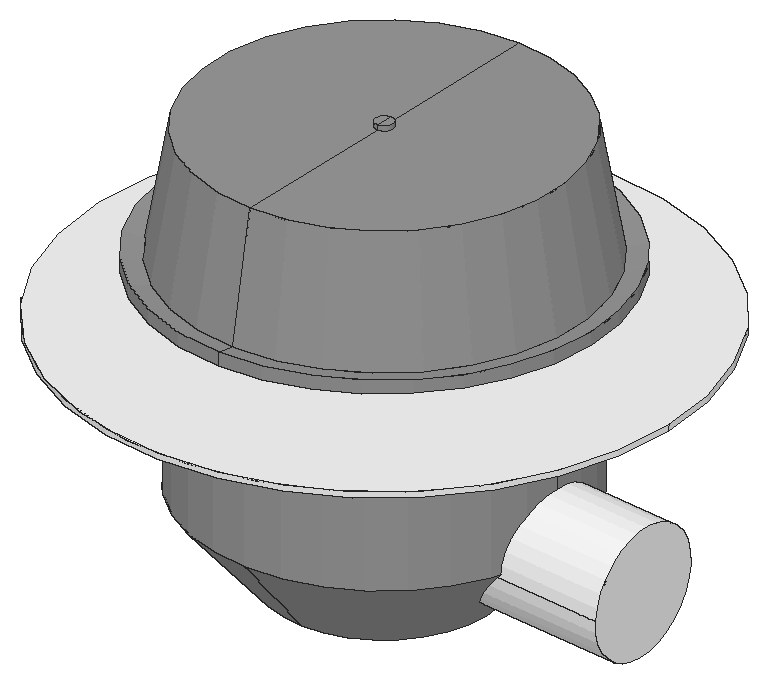
Revit family "HL_RU_Roof drain_HL64PSafe-B-221103", category Sanitärinstallationen, Revit 2020
Family settings
  Bemaßung runder Anschluss = Durchmesser verwenden
  Teiletyp = Normal
  OmniClass-Nummer = 23.70.50.21.24.14
  OmniClass-Titel = Deck Waste Water Drains
  Arbeitsebenenbasiert = Nein
  Immer vertikal = Ja
  Beim Laden mit Abzugskörper schneiden = Nein
  Gemeinsam genutzt = Nein
  Raumberechnungspunkt = Ja
Parameters (values of type "HL_Кровельная воронка_HL64PSafe_7")
  РЕШЁТКА = "Laubfangkorb d 262 mm"
  РАЗМЕР = "DN75"
  ПРОПУСКНАЯ СПОСОБНОСТЬ [instance] = 0.0 L/s
  ПРОИЗВОДИТЕЛЬНОСТЬ = "l/s"
  ПРАВОВАЯ ИНФОРМАЦИЯ = "Авторские права(©), права на дизайн или какие либо другие права интелектуальной собственности являются исключительной собственностью компании HL Hutterer & Lechner. Изменению не подлежит. Файл семейства с данными о прозводителе изделия защищен паролем с водяным знаком."
  НОМИНАЛЬНЫЙ ДИАМЕТР = 75 mm
  МАТЕРИАЛ = "PP/PVC"
  ВЫСОТА МОНТАЖА = "150mm"
  ВЕС = "2,174 [kg]"
  Vorgabe-Ansicht = 0 mm
  Hersteller = "HL Hutterer & Lechner GmbH"  # constant formula
  URL = "http://www.hutterer-lechner.com/ru/products/catalog/roof-drains/HL64PSafe/7.aspx"
  Материал плитка [instance] = none
  Lüftungsverbindung = no
  Abwasserrohrverbindung = yes
  HW-Verbindung = no
  KW-Verbindung = no
  Beschreibung = "Кровельные воронки"
  Model = "HL64PSafe_7"
  Assembly Code = " "
  Typenkommentare = "HL64PSafe/7, Воронка для аварийного водостока с горизонтальным выпуском DN75 с корпусом из ПВХ, с возможностью регулировки толщины слоя воды"
  Keynote = "HL64PSafe_7"
  Bысота монтажа [instance] = 28 mm
  G [instance] = 90.00°  # constant formula
  EAN = "9003076040933"
  D [instance] = if(НОМИНАЛЬНЫЙ ДИАМЕТР = 75 mm, 162.8 mm, 178 mm)  # 162.8 mm
  C [instance] = if(Bысота монтажа - 68 mm < 0 mm, 0 mm, Bысота монтажа - 68 mm)  # 0 mm
  B [instance] = Bысота монтажа + if(НОМИНАЛЬНЫЙ ДИАМЕТР = 75 mm, 101 mm, 84 mm)  # 129 mm
  A [instance] = if(B - 100 mm > 15 mm, B - 100 mm, 15 mm)  # 29 mm
Types (3, lengths in mm): name | РАЗМЕР | НОМИНАЛЬНЫЙ ДИАМЕТР | ВЕС | URL | Model | Typenkommentare | Keynote | EAN | D | B | A
  (no name) | "DN75" | 75 | "2,174 [kg]" | "http://www.hutterer-lechner.com/ru/products/catalog/roof-drains/HL64PSafe/7.aspx" | "HL64PSafe_7" | "HL64PSafe/7, Воронка для аварийного водостока с горизонтальным выпуском DN75 с корпусом из ПВХ, с возможностью регулировки толщины слоя воды" | "HL64PSafe_7" | "9003076040933" | 162.8 | 129 | 29
  HL_Кровельная воронка_HL64PSafe_1 | "DN110" | 110 | "2,231 [kg]" | "http://www.hutterer-lechner.com/ru/products/catalog/roof-drains/HL64PSafe/1.aspx" | "HL64PSafe_1" | "HL64PSafe/1, Воронка для аварийного водостока с горизонтальным выпуском DN110 с корпусом из ПВХ, с возможностью регулировки толщины слоя воды" | "HL64PSafe_1" | "9003076040940" | 178 | 112 | 15
  HL_Кровельная воронка_HL64PSafe_7 | "DN75" | 75 | "2,174 [kg]" | "http://www.hutterer-lechner.com/ru/products/catalog/roof-drains/HL64PSafe/7.aspx" | "HL64PSafe_7" | "HL64PSafe/7, Воронка для аварийного водостока с горизонтальным выпуском DN75 с корпусом из ПВХ, с возможностью регулировки толщины слоя воды" | "HL64PSafe_7" | "9003076040933" | 162.8 | 129 | 29
Reference planes
  plane 1 "Center (Front/Back)": y = 0
  plane 2: z = 0
  plane 3 "Center (Left/Right)": x = 0
  plane 4: z = -129
  plane 5: z = -28
Lines and regions (mm)
  model lines, style "InvisibleLines"
    curve 1: line (0, 0, 0) -> (0, 0, 20)
  model lines, style "PlumbingFixtures", detail levels coarse+medium
    curve 2: line (0, 0, -129) -> (0, 0, -100)
    curve 3: line (0, 0, -100) -> (-100, 0, 0)
    curve 4: line (0, 0, -100) -> (100, 0, 0)
    curve 6: line (0, 0, -129) -> (162.8, 0, -129)
  reference lines, not visible
    curve 5: line (0, 0, -129) -> (162.8, 0, -129)
  symbolic lines, style "PlumbingFixtures", detail levels coarse+medium
    curve 7: line (-75, 75, 0) -> (75, 75, 0)
    curve 8: line (-75, -75, 0) -> (-75, 75, 0)
    curve 9: line (75, -75, 0) -> (-75, -75, 0)
    curve 10: line (75, 75, 0) -> (75, -75, 0)
    curve 11: line (-75, 75, 0) -> (-145.711, 145.711, 0)
    curve 12: line (75, 75, 0) -> (145.711, 145.711, 0)
    curve 13: line (-75, -75, 0) -> (-145.711, -145.711, 0)
    curve 14: line (75, -75, 0) -> (145.711, -145.711, 0)
  symbolic lines, style "PlumbingFixtures", not visible, detail levels coarse+medium
    curve 15: line (-75, 75, 0) -> (75, 75, 0)
    curve 16: line (-75, -75, 0) -> (-75, 75, 0)
    curve 17: line (75, -75, 0) -> (-75, -75, 0)
    curve 18: line (75, 75, 0) -> (75, -75, 0)
    curve 19: line (-75, 75, 0) -> (-145.711, 145.711, 0)
    curve 20: line (75, 75, 0) -> (145.711, 145.711, 0)
    curve 21: line (-75, -75, 0) -> (-145.711, -145.711, 0)
    curve 22: line (75, -75, 0) -> (145.711, -145.711, 0)
Text (mm)
  text "FLOOR" at (-162.344, 0, -10.979), in view "Drain Construction View"
Dimensions and locks
  "B": plane 2 to plane 4
  "Bысота монтажа": plane 2 to plane 5
  "A": curve 4 to plane 4
  "D": curve 5 to curve 5
  "D": curve 6 to curve 6
  locked: curve 4 to plane 3 "Center (Left/Right)" (angle 45.00°)
  locked: plane 3 "Center (Left/Right)" to curve 3 (angle 45.00°)
  "G": angle curve 5 to plane 3 "Center (Left/Right)"
  aligned and locked: level to plane 2
  aligned and locked: plane 2 to curve 4
  aligned and locked: plane 2 to curve 3
  aligned and locked: plane 4 to curve 5
  aligned and locked: plane 3 "Center (Left/Right)" to curve 5
  aligned and locked: plane 4 to curve 2
  aligned and locked: plane 3 "Center (Left/Right)" to curve 6
  aligned and locked: plane 4 to curve 6
  aligned and locked: nested 1 to plane 5
  aligned and locked: plane 3 "Center (Left/Right)" to nested 1
  aligned and locked: nested 2 to plane 2
  aligned and locked: plane 3 "Center (Left/Right)" to nested 2
Automatic sketch dimensions
  curve 2 to plane 3 "Center (Left/Right)" = 0 mm
  curve 1 to plane 3 "Center (Left/Right)" = 0 mm
  curve 1 to level = 0 mm
  level to curve 1 = 20 mm
Nested families
  nested 1: "HL_кровельные воронки - корпус_HL64P" at (0, 0, -28), НОМИНАЛЬНЫЙ ДИАМЕТР <- "НОМИНАЛЬНЫЙ ДИАМЕТР", type "HL_кровельные воронки - корпус_HL64P"
    with НОМИНАЛЬНЫЙ ДИАМЕТР 75 mm, L 164 mm, B 101.3 mm, A 92.3 mm
  nested 2: "HL_Вспомогательные материалы-Противопожарная защита_HL062.1Safe" at (0, 0, 0), Bысота монтажа <- "Bысота монтажа", type "HL_Вспомогательные материалы-Противопожарная защита_HL062.1Safe"
    with Пропускная способность 0.0 L/s, L 58 mm, IHmin 28 mm, IHmax 68 mm, Bысота монтажа 28 mm
Connectors
  piping at (162.8, 0, -129), diameter 75, driven by "ПРОПУСКНАЯ СПОСОБНОСТЬ", driven by "НОМИНАЛЬНЫЙ ДИАМЕТР"
    settings: on curve 5, index 1, connector inside diameter 609.6 mm, connector length 0 mm, flow factor 0, pipe flow 0.0 L/s, pressure drop 0.0 Pa, fitting loss kfactor 0, connector angle 0.00°, fixture units 0, engagement length 0 mm, angle of deflection 0.00°, flow configuration 1, flow direction 2, fitting loss method 0, system type 16, joint type 0, gender type 0, connector reference index -1, connector utility 0, adjustable connector yes, is connector primary yes, connector description ""
Definition of nested family "HL_кровельные воронки - корпус_HL64P"
  Parameters (values of type "HL_кровельные воронки - корпус_HL64P")
    НОМИНАЛЬНЫЙ ДИАМЕТР [instance] = 110 mm
    Default Elevation = 0 mm
    Manufacturer = ""
    URL = ""
    Description = ""
    Model = ""
    L [instance] = if(НОМИНАЛЬНЫЙ ДИАМЕТР = 75 mm, 164 mm, 178 mm)  # 178 mm
    Type Comments = ""
    Cost = 0
    B [instance] = if(НОМИНАЛЬНЫЙ ДИАМЕТР = 75 mm, 101.3 mm, 84 mm)  # 84 mm
    A [instance] = if(НОМИНАЛЬНЫЙ ДИАМЕТР = 75 mm, 92.3 mm, 75 mm)  # 75 mm
  Reference planes
    plane 1 "Střed (vpředu/vzadu)": y = 0
    plane 2: z = 0
    plane 3 "Střed (vlevo/vpravo)": x = 0
  Forms (mm)
    Extrusion 1, solid, detail levels fine
      sketch origin (0, 0, 0) x (1, 0, 0) y (0, 1, 0)
        loop
          circle (0, 0) r 180
        loop
          circle (0, 0) r 78.913
      from 0 to -3.5
    Extrusion 2, solid, detail levels fine
      sketch origin (0, 0, -3.5) x (0, 1, 0) y (1, 0, 0)
        loop
          circle (0, 0) r 140
      from 0 to 18
    Extrusion 3, solid, detail levels fine
      sketch origin (0, 0, -21.5) x (-1, 0, 0) y (0, 1, 0)
        loop
          circle (0, 0) r 110
      from 0 to 73.906
    Blend 4, solid, detail levels fine
      base sketch origin (0, 0, -95.406) x (0, -1, 0) y (1, 0, 0)
        loop
          circle (0, 0) r 110
      top sketch origin (0, 0, -95.406) x (0, -1, 0) y (1, 0, 0)
        loop
          circle (0, 0) r 65
      from 0 to -53
    Revolve 5, void
      sketch origin (0, 0, 0) x (1, 0, 0) y (0, 0, 1)
        loop
          line (-78.913, 0) -> (-78.913, -16.281) -> (-74.694, -23.588) -> (-74.694, -24.914) -> (-75.511, -24.914) -> (-75.511, -30.304) -> (-64.679, -30.304) -> (-64.679, -32.804) -> (0, -32.804) -> (0, 0) -> (-78.913, 0)
        axis (0, 0) -> (0, -32.804)
      angle from 0 to 360
    Extrusion 6, solid, detail levels fine
      sketch origin (178.231, 0, -84) x (0, -1, 0) y (-0.050432, 0, -0.998727)
        loop
          circle (0, 0.078) r 55
      from -0.458 to -104.708
  Cuts and joins
    Revolve 5 cuts Extrusion 1
    Revolve 5 cuts Extrusion 2
    Revolve 5 cuts Extrusion 3
  Lines and regions (mm)
    reference lines
      curve 1: line (0, 0, -75) -> (178.231, 0, -84)
  Dimensions and locks
    "B": plane 2 to curve 1
    "L": Extrusion 6 to curve 1
    "A": plane 2 to curve 1
    "НОМИНАЛЬНЫЙ ДИАМЕТР": diameter of Extrusion 6 sketch curve
    aligned and locked: level to plane 2
  Automatic sketch dimensions
    Extrusion 1 sketch curve to Extrusion 1 sketch curve = 0 mm  (x2)
    plane 1 "Střed (vpředu/vzadu)" to Extrusion 1 sketch curve = 0 mm
    Extrusion 1 sketch curve to plane 3 "Střed (vlevo/vpravo)" = 0 mm
    Revolve 5 sketch curve to level = 0 mm
    Revolve 5 sketch curve to plane 3 "Střed (vlevo/vpravo)" = 0 mm  (x2)
    Revolve 5 sketch curve to level = 30.304 mm
    Revolve 5 sketch curve to plane 3 "Střed (vlevo/vpravo)" = 64.679 mm
    Revolve 5 sketch curve to level = 23.588 mm
    Revolve 5 sketch curve to Revolve 5 sketch curve = 10.016 mm
    Revolve 5 sketch curve to Revolve 5 sketch curve = 0.817 mm
    Revolve 5 sketch curve to Revolve 5 sketch curve = 4.218 mm
    Revolve 5 sketch curve to Revolve 5 sketch curve = 32.804 mm
    Revolve 5 sketch curve to Revolve 5 sketch curve = 1.326 mm
    Revolve 5 sketch curve to Revolve 5 sketch curve = 7.307 mm
    level to Revolve 5 sketch curve = 25 mm
    Revolve 5 sketch curve to Revolve 5 sketch curve = 50 mm
    curve 1 to plane 3 "Střed (vlevo/vpravo)" = 0 mm
    plane 3 "Střed (vlevo/vpravo)" to curve 1 = 178.231 mm
    Extrusion 6 sketch curve to plane 1 "Střed (vpředu/vzadu)" = 0 mm
    radius of Extrusion 1 sketch curve = 180 mm
    radius of Extrusion 1 sketch curve = 78.913 mm
    radius of Extrusion 2 sketch curve to Extrusion 1 = 40 mm
    radius of Extrusion 3 sketch curve to Extrusion 2 = 30 mm
    radius of Blend 4 sketch curve to Extrusion 3 = 0 mm
    radius of Blend 4 sketch curve to Extrusion 3 = 45 mm
Definition of nested family "HL_Вспомогательные материалы-Противопожарная защита_HL062.1Safe"
  Parameters (values of type "HL_Вспомогательные материалы-Противопожарная защита_HL062.1Safe")
    РЕШЁТКА = "Laubfangkorb d 262 mm"
    ПРАВОВАЯ ИНФОРМАЦИЯ = "Авторские права(©), права на дизайн или какие либо другие права интелектуальной собственности являются исключительной собственностью компании HL Hutterer & Lechner. Изменению не подлежит. Файл семейства с данными о прозводителе изделия защищен паролем с водяным знаком."
    МАТЕРИАЛ = "PP"
    ВЕС = "1,25 [kg]"
    Default Elevation = 0 mm
    Manufacturer = "HL Hutterer & Lechner GmbH"
    URL = "http://www.hutterer-lechner.com/ru/products/catalog/roof-drains/HL062.1Safe.aspx"
    Материал плитка = none
    Description = "Кровельные воронки"
    Model = "HL062.1Safe"
    L [instance] = if(Bысота монтажа < IHmin, -100 mm, if(Bысота монтажа > IHmax, -100 mm, Bысота монтажа + 30 mm))  # 58 mm
    Type Comments = "HL062.1Safe, Вставка в воронку для аварийного водоотведения"
    Keynote = "HL062.1Safe"
    Bысота монтажа [instance] = 28 mm
    IHmin [instance] = 28 mm
    IHmax [instance] = 68 mm
    Пропускная способность [instance] = 0.0 L/s
    EAN = "9003076040605"
    Cost = 0
  Reference planes
    plane 1 "Střed (vpředu/vzadu)": y = 0
    plane 2: z = 0
    plane 3 "Střed (vlevo/vpravo)": x = 0
  Forms (mm)
    Revolve 1, solid, detail levels fine
      sketch origin (0, 0, 0) x (0, 1, 0) y (0, 0, 1)
        loop
          line (0, 81.1) -> (-5.25, 81.1) -> (-5.25, 78.5) -> (-106.614, 78.5) -> (-119.486, 5.5) -> (-101.611, 5.5) -> (-90.568, 68.124) -> (0, 68.124) -> (0, 81.1)
        axis (0, 81.1) -> (0, 5.5)
      angle from 0 to 360
    Extrusion 2, solid, detail levels fine
      sketch origin (0, 0, 68.124) x (-1, 0, 0) y (0, 1, 0)
        loop
          circle (-50, 0) r 11.945
      from 0 to 82.224
    Extrusion 3, solid, detail levels fine
      sketch origin (-100, 0, 68.124) x (-1, 0, 0) y (0, 1, 0)
        loop
          circle (-50, 0) r 11.945
      from 0 to 82.224
    Revolve 4, solid, detail levels fine
      sketch origin (0, 0, 0) x (0, 1, 0) y (0, 0, 1)
        loop
          line (-130.983, 7.735) -> (-130.983, 0) -> (-69.061, 0) -> (-64.445, -4.616) -> (-64.445, -65.123) -> (-63.068, -66.5) -> (-58.068, -66.5) -> (-58.068, -4.58) -> (-68.148, 5.5) -> (-119.486, 5.5) -> (-130.983, 7.735)
        axis (0, 7.735) -> (0, -66.5)
      angle from 0 to 360
    Revolve 5, solid, detail levels fine
      sketch origin (0, 69.895, -58) x (0, -1, 0) y (0, 0, -1)
        loop
          line (149.29, -29.5) -> (149.29, -9.5) -> (139.79, 0) -> (134.34, 0) -> (134.34, -44) -> (138.069, -44) -> (138.069, -29.5) -> (149.29, -29.5)
        axis (69.895, -44) -> (69.895, 0)
      angle from 0 to 360
  Lines and regions (mm)
    reference lines
      curve 1: line (0, 69.895, -58) -> (0, -190.105, -58)
  Dimensions and locks
    "L": curve 1 to plane 2
    aligned and locked: level to plane 2
  Automatic sketch dimensions
    Revolve 1 sketch curve to plane 1 "Střed (vpředu/vzadu)" = 0 mm  (x2)
    plane 1 "Střed (vpředu/vzadu)" to Revolve 1 sketch curve = 5.25 mm
    Revolve 1 sketch curve to Revolve 1 sketch curve = 85.318 mm
    level to Revolve 1 sketch curve = 5.5 mm
    Revolve 1 sketch curve to Revolve 1 sketch curve = 11.042 mm
    Revolve 1 sketch curve to Revolve 1 sketch curve = 16.046 mm
    Revolve 1 sketch curve to Revolve 1 sketch curve = 17.876 mm
    Revolve 1 sketch curve to Revolve 1 sketch curve = 62.624 mm
    Revolve 1 sketch curve to Revolve 1 sketch curve = 10.376 mm
    Revolve 1 sketch curve to Revolve 1 sketch curve = 2.6 mm
    Revolve 1 sketch curve to Revolve 1 sketch curve = 40 mm
    Revolve 1 sketch curve to Revolve 1 sketch curve = 25 mm
    Extrusion 2 sketch curve to Revolve 1 = 50 mm
    Revolve 1 to Extrusion 3 sketch curve = 50 mm
    level to Revolve 4 sketch curve = 0 mm
    Revolve 4 sketch curve to plane 1 "Střed (vpředu/vzadu)" = 0 mm
    plane 1 "Střed (vpředu/vzadu)" to Revolve 4 sketch curve = 58.068 mm
    Revolve 4 sketch curve to Revolve 4 sketch curve = 5 mm
    Revolve 4 sketch curve to Revolve 4 sketch curve = 1.377 mm  (x2)
    Revolve 4 sketch curve to Revolve 4 sketch curve = 3.703 mm
    Revolve 4 sketch curve to Revolve 4 sketch curve = 0.913 mm
    level to Revolve 4 sketch curve = 5.5 mm
    Revolve 4 sketch curve to Revolve 4 sketch curve = 50.425 mm
    Revolve 4 sketch curve to Revolve 4 sketch curve = 11.497 mm
    Revolve 4 sketch curve to level = 4.58 mm
    Revolve 4 sketch curve to level = 4.616 mm
    Revolve 4 sketch curve to Revolve 4 sketch curve = 60.507 mm
    level to Revolve 4 sketch curve = 7.735 mm
    Revolve 4 sketch curve to Revolve 4 sketch curve = 10 mm
    Revolve 4 sketch curve to Revolve 4 sketch curve = 35 mm
    Revolve 5 sketch curve to curve 1 = 0 mm
    curve 1 to Revolve 5 sketch curve = 44 mm
    Revolve 5 sketch curve to curve 1 = 125.66 mm
    Revolve 5 sketch curve to Revolve 5 sketch curve = 3.729 mm
    Revolve 5 sketch curve to Revolve 5 sketch curve = 5.45 mm
    Revolve 5 sketch curve to Revolve 5 sketch curve = 11.221 mm
    Revolve 5 sketch curve to Revolve 5 sketch curve = 14.5 mm
    curve 1 to Revolve 5 sketch curve = 9.5 mm
    curve 1 to Revolve 5 sketch curve = 69.895 mm
    Revolve 5 sketch curve to curve 1 = 15 mm
    Revolve 5 sketch curve to Revolve 5 sketch curve = 40 mm
    plane 1 "Střed (vpředu/vzadu)" to curve 1 = 190.105 mm
    curve 1 to plane 1 "Střed (vpředu/vzadu)" = 69.895 mm
    radius of Extrusion 2 sketch curve = 11.945 mm
    radius of Extrusion 3 sketch curve = 11.945 mm
